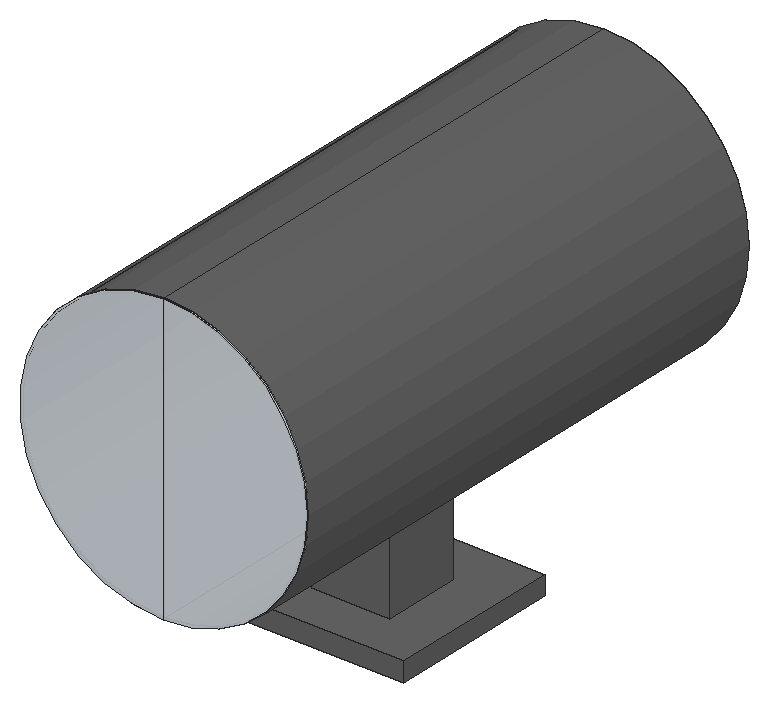
Revit family "LTC-6RDW-W", category Lighting Fixtures, host Face, Revit 2017
Family settings
  Host = Face
  Round Connector Dimension = Use Diameter
  Part Type = Normal
  OmniClass Number = 23.80.70.11.14.11
  OmniClass Title = Downlights
  Cut with Voids When Loaded = No
  Light Source = Yes
  Shared = No
  Room Calculation Point = No
Parameters (values of type "LTC-6RDW-W")
  Wattage Comments = ""
  Wattage = 52 W
  Warranty = "• 5 year warranty\r\n• See HLI Standard Warranty for\r\nadditional information"  # constant formula
  built-in parameter 1150110 = 1 (stored number, unit not read)
  Voltage = 120 V
  built-in parameter 1114217 = 1 (stored number, unit not read)
  Tilt Angle = -90.00°  # constant formula
  built-in parameter 1150109 = 1 (stored number, unit not read)
  built-in parameter 1150134 = 3
  built-in parameter 1150113 = 1 (stored number, unit not read)
  Photometric Web File = "LTC-6RD-P-20L35K8MD-DM1-S-BL (1).ies"
  Features = "• 6inch architectural LED downlight and wall wash cylinder\r\ndelivering 600 - 7000 lm\r\n• 4 beam distributions from 0.3 to 1.1 Spacing Criteria\r\n• Quiet reflector appearance with 50º optical cutoff\r\n• 2700K - 5000K, 80+ and 90+ CRI options\r\n• Available in Surface, Wall, Pendant, or Cord Mount configurations\r\n• Variety of dimming protocol options including 0-10V, DALI, DMX,\r\nForward Phase and EcoSystem\r"  # constant formula
  Cord Height = 72.000"
  built-in parameter 1150105 = 331.04 (stored number, unit not read)
  Lumens = 4160 lm
  built-in parameter 1150115 = 1 (stored number, unit not read)
  built-in parameter 1150137 = (empty or 0)
  built-in parameter 1150139 = (empty or 0)
  built-in parameter 1150112 = 1 (stored number, unit not read)
  built-in parameter 1150114 = 1 (stored number, unit not read)
  built-in parameter 1150132 = (empty or 0)
  built-in parameter 1150102 = (empty or 0)
  built-in parameter 1150107 = 3200 (stored number, unit not read)
  built-in parameter 1150138 = (empty or 0)
  built-in parameter 1150106 = 3.3104 (stored number, unit not read)
  Emit from Circle Diameter = 7.300"  # constant formula
  Emit Shape Visible in Rendering = no
  built-in parameter 1150104 = 7.4322 (stored number, unit not read)
  Dimming Lamp Color Temperature Shift = <None>
  Copyright = "© 2021 Prescolite, a division of Hubbell Lighting, Inc"  # constant formula
  Contact us = "https://www.hubbell.com/prescolite/en/contactUs"
  Color Filter = 16777215
  Certifications = "• cCSAus certified to UL 1598\r\n• Wall Mount: Suitable for wet locations\r\n• Surface & Pendant Mount: Suitable for wet\r\nlocations under covered ceiling\r\n• Cord Mount and all Wall Wash: Suitable for\r\ndamp locations"  # constant formula
  Center Distance = 6.400"
  Canopy Width = 4.500"
  Canopy Height = 0.500"
  built-in parameter 1114218 = 1 (stored number, unit not read)
  Ballast = Paint - Hubbell - Carbon Black
  URL = "http://www.prescolite.com/"
  Product Page URL = "https://www.hubbell.com/prescolite/en/Products/Lighting-Controls/Commercial-Indoor-Lighting/Cylinder/LITEISTRY-6-Round-Cylinder-DownlightWall-Wash/p/3775872"
  Product Documentation Link = "https://hubbellcdn.com/specsheet/LTC-6RDW.pdf"
  Model = "LTC-6RDW"  # constant formula
  Manufacturer = "Prescolite"  # constant formula
  Lamp = "LED Lamp"
  Reflector = Glass - Hubbell - Glass
  Description = "LITEISTRY™ 6inch Round Cylinder Downlight/Wall Wash"  # constant formula
  Default Elevation = 48.000"
  Backbox = Hubbell - Matt Black
  built-in parameter 1150133 = 10 (stored number, unit not read)
  Apparent Load = 50 VA  # constant formula
Types (5): name | Center Distance | Canopy Width | Canopy Height
  (no name) | 6.400" | 4.500" | 0.500"
  LTC-6RDW-W | 6.400" | 4.500" | 0.500"
  LTC-6RDW-WCC | 8.770" | 5.740" | 3.000"
  LTC-6RDW-WPC | 8.680" | 7.750" | 3.000"
  LTC-6RDW-WPCC | 10.180" | 7.830" | 4.500"
Reference planes (in)
  plane 1 "Center (Front/Back)": y = 0
  plane 2: z = 0
  plane 3 "Center (Left/Right)": x = 0
  plane 4: z = 6.4
  plane 5: z = 0.5
  plane 6: y = -2.25
  plane 7: y = 2.25
  plane 8: x = -2.25
  plane 9: x = 2.25
  plane 10: y = -7
  plane 11: y = 7
Forms (in)
  Revolve 1, solid, material "Paint - Hubbell - Carbon Black" <- "Ballast"
    sketch origin (-0.02661, 2.20643, 0) x (0, 1, 0) y (0, 0, 1)
      loop
        line (4.66357, 6.4) -> (4.78857, 6.4) -> (4.78857, 10.07022) -> (-9.21143, 10.07022) -> (-9.21143, 10.021) -> (4.66357, 10.021) -> (4.66357, 6.4)
      axis (-9.21143, 6.4) -> (4.78857, 6.4)
    angle from 0 to 360
  Revolve 2, solid, material "Glass - Hubbell - Glass" <- "Reflector"
    sketch origin (-0.02661, -0.04357, 0) x (0, 1, 0) y (0, 0, 1)
      loop
        line (-6.9518, 6.4) -> (-6.9518, 10.07) -> (-7.00443, 10.07) -> (-7.00443, 6.4) -> (-6.9518, 6.4)
      axis (-6.9518, 6.4) -> (-7.00443, 6.4)
    angle from 0 to 360
  Extrusion 3, solid, material "Paint - Hubbell - Carbon Black" <- "Ballast"
    sketch origin (-0.02661, -0.04357, 0) x (0, 1, 0) y (0, 0, 1)
      loop
        line (0.97237, 0.5) -> (0.97237, 6.4) -> (-1.03763, 6.4) -> (-1.03763, 0.5) -> (0.97237, 0.5)
    from -1 to 1
  Extrusion 4, solid, material "Hubbell - Matt Black" <- "Backbox"
    sketch origin (0, 0, 0) x (0, 1, 0) y (0, 0, 1)
      loop
        line (2.25, 0) -> (2.25, 0.5) -> (-2.25, 0.5) -> (-2.25, 0) -> (2.25, 0)
    from -2.25 to 2.25
Dimensions and locks (in)
  locked: Extrusion 3 sketch curve to Extrusion 3 sketch curve at 2.01
  locked: Revolve 1 sketch curve to Revolve 1 sketch curve at 0.04922
  "Center Distance": plane 4 to plane 2
  Revolve 1 sketch curve to plane 4 = 3.67022"
  Revolve 2 sketch curve to Revolve 2 sketch curve = 3.670"
  "Canopy Height": plane 5 to plane 2
  "Canopy Width": plane 7 to plane 6
  equal spacing: plane 7, plane 1 "Center (Front/Back)", plane 6
  equal spacing: plane 9, plane 3 "Center (Left/Right)", plane 8
  "Canopy Width": plane 9 to plane 8
  aligned and locked: plane 2 to host face
  aligned and locked: plane 3 "Center (Left/Right)" to imposter light
  aligned and locked: plane 4 to Revolve 1 sketch curve  (x2)
  aligned and locked: Revolve 2 sketch curve to plane 4
  aligned and locked: plane 4 to Revolve 2 sketch curve
  aligned and locked: imposter light to plane 4
  aligned and locked: imposter light to Revolve 2
  aligned and locked: level to Extrusion 4 sketch curve
  aligned and locked: plane 7 to Extrusion 4 sketch curve
  aligned and locked: Extrusion 4 sketch curve to plane 5
  aligned and locked: Extrusion 4 sketch curve to plane 6
  aligned and locked: plane 9 to Extrusion 4
  aligned and locked: Extrusion 4 to plane 8
  aligned and locked: plane 4 to Extrusion 3
Automatic sketch dimensions
  host sketch curve to host sketch curve = 96.000"  (x2)
  plane 1 "Center (Front/Back)" to Revolve 1 sketch curve = 7.005"
  Revolve 1 sketch curve to plane 1 "Center (Front/Back)" = 6.870"
  Revolve 1 sketch curve to Revolve 1 sketch curve = 0.125"
  Revolve 1 sketch curve to Revolve 1 sketch curve = 3.5625"
  Revolve 1 sketch curve to Revolve 1 sketch curve = 13.3125"
  plane 1 "Center (Front/Back)" to Revolve 2 sketch curve = 7.048"
  Revolve 2 sketch curve to Revolve 2 sketch curve = 0.05263"
  Revolve 2 sketch curve to Revolve 2 sketch curve = 0.60362"
  Revolve 2 sketch curve to Revolve 2 sketch curve = 0.84375"
  level to Extrusion 3 sketch curve = 0.500"
  plane 1 "Center (Front/Back)" to Extrusion 3 sketch curve = 1.0812"
  Extrusion 3 sketch curve to Extrusion 3 sketch curve = 5.900"
Connectors (in)
  electrical at (0, 0, 0), driven by "Description", driven by "Voltage", driven by "Apparent Load"
    settings: index 1, voltage 120 V, apparent load 50 VA, apparent load phase1 0 VA, apparent load phase2 0 VA, apparent load phase3 0 VA, power factor 1, load classification "Other", number of poles 1, system type 30, power factor state 1, is connector primary yes, connector utility no, sub classification motor no, connector description "LITEISTRY™ 6inch Round Cylinder Downlight/Wall Wash"
